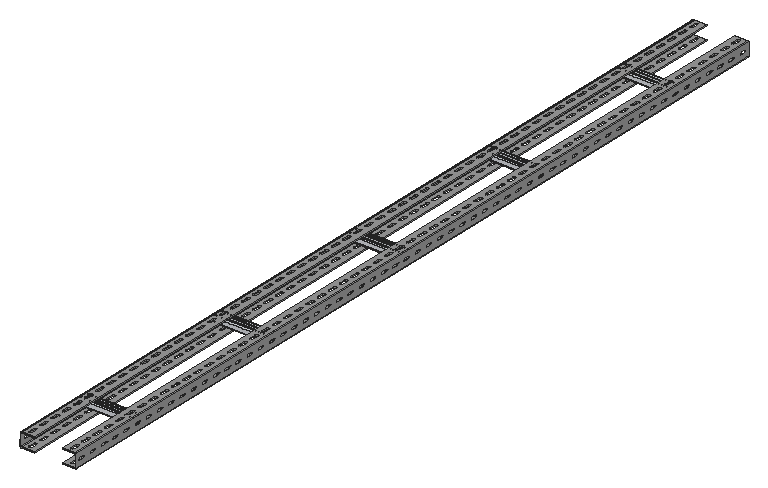
Revit family "steigeleiter_2_FT_FTSO_FTK_A2_A4.200rfa", category Generic Models, Revit 2017
Family settings
  Can host rebar = No
  Round Connector Dimension = Use Diameter
  Part Type = Normal
  Work Plane-Based = No
  Always vertical = Yes
  Cut with Voids When Loaded = No
  Shared = No
  Room Calculation Point = No
Parameters (values of type "SLM50C40 2FTK RW")
  Width 1 = Width / 2  # 100 mm
  Width = 200 mm
  URL = "http://www.obo-bettermann.com"
  Material = Polyester / Epoxid
  Manufacturer Art.No. = "6010568"
  Manufacturer = "OBO BETTERMANN"
  Length 2 = 273.5 mm
  Length = 3000 mm
  GTIN = "4012196691319"
  Cut's space 2 = 600 mm
  Cut's space = 50 mm
  Cut's number 2 = 5
  Cut's number = Length / Cut's space  # 60
  Article Type = "SLM50C40 2FTK RW"
Reference planes
  plane 1 "Center (Front/Back)": y = 0
  plane 2: z = 0
  plane 3 "Center (Left/Right)": x = 0
  plane 4: z = 50
  plane 5: y = 3000
  plane 6: y = 273.5
Forms (mm)
  Extrusion 1, solid, material "Polyester / Epoxid" <- "Material"
    sketch origin (0, 0, 0) x (1, 0, 0) y (0, 0, 1)
      loop
        arc (-96, 2.5) -> (-97.061, 2.939) -> (-97.5, 4) r 1.5
        line (-97.5, 4) -> (-97.5, 46)
        arc (-97.5, 46) -> (-97.061, 47.061) -> (-96, 47.5) r 1.5
        line (-96, 47.5) -> (-50, 47.5) -> (-50, 50) -> (-96, 50)
        arc (-96, 50) -> (-98.828, 48.828) -> (-100, 46) r 4
        line (-100, 46) -> (-100, 4)
        arc (-100, 4) -> (-98.828, 1.172) -> (-96, 0) r 4
        line (-96, 0) -> (-50, 0) -> (-50, 2.5) -> (-96, 2.5)
      loop
        line (50.551, 50) -> (50.551, 47.5) -> (96, 47.5)
        arc (96, 47.5) -> (97.061, 47.061) -> (97.5, 46) r 1.5
        line (97.5, 46) -> (97.5, 4)
        arc (97.5, 4) -> (97.061, 2.939) -> (96, 2.5) r 1.5
        line (96, 2.5) -> (50, 2.5) -> (50, 0) -> (97.57, 0)
        arc (97.57, 0) -> (98.354, 0.324) -> (98.678, 1.108) r 1.108
        line (98.678, 1.108) -> (98.678, 47.085)
        arc (98.678, 47.085) -> (97.824, 49.146) -> (95.763, 50) r 2.915
        line (95.763, 50) -> (50.551, 50)
    from 0 to -3000
  Extrusion 2, void
    sketch origin (0, 0, 0) x (1, 0, 0) y (0, 1, 0)
      loop
        arc (-80.5, 15.5) -> (-75, 10) -> (-69.5, 15.5) r 5.5
        line (-69.5, 15.5) -> (-69.5, 34.5)
        arc (-69.5, 34.5) -> (-75, 40) -> (-80.5, 34.5) r 5.5
        line (-80.5, 34.5) -> (-80.5, 15.5)
    from 47.5 to 50
  Extrusion 3, void
    sketch origin (0, 50, 0) x (1, 0, 0) y (0, 1, 0)
      loop
        arc (-80.5, 15.5) -> (-75, 10) -> (-69.5, 15.5) r 5.5
        line (-69.5, 15.5) -> (-69.5, 34.5)
        arc (-69.5, 34.5) -> (-75, 40) -> (-80.5, 34.5) r 5.5
        line (-80.5, 34.5) -> (-80.5, 15.5)
    from 47.5 to 50
  Extrusion 4, void
    sketch origin (0, 100, 0) x (1, 0, 0) y (0, 1, 0)
      loop
        arc (-80.5, 15.5) -> (-75, 10) -> (-69.5, 15.5) r 5.5
        line (-69.5, 15.5) -> (-69.5, 34.5)
        arc (-69.5, 34.5) -> (-75, 40) -> (-80.5, 34.5) r 5.5
        line (-80.5, 34.5) -> (-80.5, 15.5)
    from 47.5 to 50
  Extrusion 5, void
    sketch origin (0, 150, 0) x (1, 0, 0) y (0, 1, 0)
      loop
        arc (-80.5, 15.5) -> (-75, 10) -> (-69.5, 15.5) r 5.5
        line (-69.5, 15.5) -> (-69.5, 34.5)
        arc (-69.5, 34.5) -> (-75, 40) -> (-80.5, 34.5) r 5.5
        line (-80.5, 34.5) -> (-80.5, 15.5)
    from 47.5 to 50
  Extrusion 6, void
    sketch origin (0, 200, 0) x (1, 0, 0) y (0, 1, 0)
      loop
        arc (-80.5, 15.5) -> (-75, 10) -> (-69.5, 15.5) r 5.5
        line (-69.5, 15.5) -> (-69.5, 34.5)
        arc (-69.5, 34.5) -> (-75, 40) -> (-80.5, 34.5) r 5.5
        line (-80.5, 34.5) -> (-80.5, 15.5)
    from 47.5 to 50
  Extrusion 7, void
    sketch origin (0, 250, 0) x (1, 0, 0) y (0, 1, 0)
      loop
        arc (-80.5, 15.5) -> (-75, 10) -> (-69.5, 15.5) r 5.5
        line (-69.5, 15.5) -> (-69.5, 34.5)
        arc (-69.5, 34.5) -> (-75, 40) -> (-80.5, 34.5) r 5.5
        line (-80.5, 34.5) -> (-80.5, 15.5)
    from 47.5 to 50
  Extrusion 8, void
    sketch origin (0, 300, 0) x (1, 0, 0) y (0, 1, 0)
      loop
        arc (-80.5, 15.5) -> (-75, 10) -> (-69.5, 15.5) r 5.5
        line (-69.5, 15.5) -> (-69.5, 34.5)
        arc (-69.5, 34.5) -> (-75, 40) -> (-80.5, 34.5) r 5.5
        line (-80.5, 34.5) -> (-80.5, 15.5)
    from 47.5 to 50
  Extrusion 9, void
    sketch origin (0, 350, 0) x (1, 0, 0) y (0, 1, 0)
      loop
        arc (-80.5, 15.5) -> (-75, 10) -> (-69.5, 15.5) r 5.5
        line (-69.5, 15.5) -> (-69.5, 34.5)
        arc (-69.5, 34.5) -> (-75, 40) -> (-80.5, 34.5) r 5.5
        line (-80.5, 34.5) -> (-80.5, 15.5)
    from 47.5 to 50
  Extrusion 10, void
    sketch origin (0, 400, 0) x (1, 0, 0) y (0, 1, 0)
      loop
        arc (-80.5, 15.5) -> (-75, 10) -> (-69.5, 15.5) r 5.5
        line (-69.5, 15.5) -> (-69.5, 34.5)
        arc (-69.5, 34.5) -> (-75, 40) -> (-80.5, 34.5) r 5.5
        line (-80.5, 34.5) -> (-80.5, 15.5)
    from 47.5 to 50
  Extrusion 11, void
    sketch origin (0, 450, 0) x (1, 0, 0) y (0, 1, 0)
      loop
        arc (-80.5, 15.5) -> (-75, 10) -> (-69.5, 15.5) r 5.5
        line (-69.5, 15.5) -> (-69.5, 34.5)
        arc (-69.5, 34.5) -> (-75, 40) -> (-80.5, 34.5) r 5.5
        line (-80.5, 34.5) -> (-80.5, 15.5)
    from 47.5 to 50
  Extrusion 12, void
    sketch origin (0, 500, 0) x (1, 0, 0) y (0, 1, 0)
      loop
        arc (-80.5, 15.5) -> (-75, 10) -> (-69.5, 15.5) r 5.5
        line (-69.5, 15.5) -> (-69.5, 34.5)
        arc (-69.5, 34.5) -> (-75, 40) -> (-80.5, 34.5) r 5.5
        line (-80.5, 34.5) -> (-80.5, 15.5)
    from 47.5 to 50
  Extrusion 13, void
    sketch origin (0, 550, 0) x (1, 0, 0) y (0, 1, 0)
      loop
        arc (-80.5, 15.5) -> (-75, 10) -> (-69.5, 15.5) r 5.5
        line (-69.5, 15.5) -> (-69.5, 34.5)
        arc (-69.5, 34.5) -> (-75, 40) -> (-80.5, 34.5) r 5.5
        line (-80.5, 34.5) -> (-80.5, 15.5)
    from 47.5 to 50
  Extrusion 14, void
    sketch origin (0, 600, 0) x (1, 0, 0) y (0, 1, 0)
      loop
        arc (-80.5, 15.5) -> (-75, 10) -> (-69.5, 15.5) r 5.5
        line (-69.5, 15.5) -> (-69.5, 34.5)
        arc (-69.5, 34.5) -> (-75, 40) -> (-80.5, 34.5) r 5.5
        line (-80.5, 34.5) -> (-80.5, 15.5)
    from 47.5 to 50
  Extrusion 15, void
    sketch origin (0, 650, 0) x (1, 0, 0) y (0, 1, 0)
      loop
        arc (-80.5, 15.5) -> (-75, 10) -> (-69.5, 15.5) r 5.5
        line (-69.5, 15.5) -> (-69.5, 34.5)
        arc (-69.5, 34.5) -> (-75, 40) -> (-80.5, 34.5) r 5.5
        line (-80.5, 34.5) -> (-80.5, 15.5)
    from 47.5 to 50
  Extrusion 16, void
    sketch origin (0, 700, 0) x (1, 0, 0) y (0, 1, 0)
      loop
        arc (-80.5, 15.5) -> (-75, 10) -> (-69.5, 15.5) r 5.5
        line (-69.5, 15.5) -> (-69.5, 34.5)
        arc (-69.5, 34.5) -> (-75, 40) -> (-80.5, 34.5) r 5.5
        line (-80.5, 34.5) -> (-80.5, 15.5)
    from 47.5 to 50
  Extrusion 17, void
    sketch origin (0, 750, 0) x (1, 0, 0) y (0, 1, 0)
      loop
        arc (-80.5, 15.5) -> (-75, 10) -> (-69.5, 15.5) r 5.5
        line (-69.5, 15.5) -> (-69.5, 34.5)
        arc (-69.5, 34.5) -> (-75, 40) -> (-80.5, 34.5) r 5.5
        line (-80.5, 34.5) -> (-80.5, 15.5)
    from 47.5 to 50
  Extrusion 18, void
    sketch origin (0, 800, 0) x (1, 0, 0) y (0, 1, 0)
      loop
        arc (-80.5, 15.5) -> (-75, 10) -> (-69.5, 15.5) r 5.5
        line (-69.5, 15.5) -> (-69.5, 34.5)
        arc (-69.5, 34.5) -> (-75, 40) -> (-80.5, 34.5) r 5.5
        line (-80.5, 34.5) -> (-80.5, 15.5)
    from 47.5 to 50
  Extrusion 19, void
    sketch origin (0, 850, 0) x (1, 0, 0) y (0, 1, 0)
      loop
        arc (-80.5, 15.5) -> (-75, 10) -> (-69.5, 15.5) r 5.5
        line (-69.5, 15.5) -> (-69.5, 34.5)
        arc (-69.5, 34.5) -> (-75, 40) -> (-80.5, 34.5) r 5.5
        line (-80.5, 34.5) -> (-80.5, 15.5)
    from 47.5 to 50
  Extrusion 20, void
    sketch origin (0, 900, 0) x (1, 0, 0) y (0, 1, 0)
      loop
        arc (-80.5, 15.5) -> (-75, 10) -> (-69.5, 15.5) r 5.5
        line (-69.5, 15.5) -> (-69.5, 34.5)
        arc (-69.5, 34.5) -> (-75, 40) -> (-80.5, 34.5) r 5.5
        line (-80.5, 34.5) -> (-80.5, 15.5)
    from 47.5 to 50
  Extrusion 21, void
    sketch origin (0, 950, 0) x (1, 0, 0) y (0, 1, 0)
      loop
        arc (-80.5, 15.5) -> (-75, 10) -> (-69.5, 15.5) r 5.5
        line (-69.5, 15.5) -> (-69.5, 34.5)
        arc (-69.5, 34.5) -> (-75, 40) -> (-80.5, 34.5) r 5.5
        line (-80.5, 34.5) -> (-80.5, 15.5)
    from 47.5 to 50
  Extrusion 22, void
    sketch origin (0, 1000, 0) x (1, 0, 0) y (0, 1, 0)
      loop
        arc (-80.5, 15.5) -> (-75, 10) -> (-69.5, 15.5) r 5.5
        line (-69.5, 15.5) -> (-69.5, 34.5)
        arc (-69.5, 34.5) -> (-75, 40) -> (-80.5, 34.5) r 5.5
        line (-80.5, 34.5) -> (-80.5, 15.5)
    from 47.5 to 50
  Extrusion 23, void
    sketch origin (0, 1050, 0) x (1, 0, 0) y (0, 1, 0)
      loop
        arc (-80.5, 15.5) -> (-75, 10) -> (-69.5, 15.5) r 5.5
        line (-69.5, 15.5) -> (-69.5, 34.5)
        arc (-69.5, 34.5) -> (-75, 40) -> (-80.5, 34.5) r 5.5
        line (-80.5, 34.5) -> (-80.5, 15.5)
    from 47.5 to 50
  Extrusion 24, void
    sketch origin (0, 1100, 0) x (1, 0, 0) y (0, 1, 0)
      loop
        arc (-80.5, 15.5) -> (-75, 10) -> (-69.5, 15.5) r 5.5
        line (-69.5, 15.5) -> (-69.5, 34.5)
        arc (-69.5, 34.5) -> (-75, 40) -> (-80.5, 34.5) r 5.5
        line (-80.5, 34.5) -> (-80.5, 15.5)
    from 47.5 to 50
  Extrusion 25, void
    sketch origin (0, 1150, 0) x (1, 0, 0) y (0, 1, 0)
      loop
        arc (-80.5, 15.5) -> (-75, 10) -> (-69.5, 15.5) r 5.5
        line (-69.5, 15.5) -> (-69.5, 34.5)
        arc (-69.5, 34.5) -> (-75, 40) -> (-80.5, 34.5) r 5.5
        line (-80.5, 34.5) -> (-80.5, 15.5)
    from 47.5 to 50
  Extrusion 26, void
    sketch origin (0, 1200, 0) x (1, 0, 0) y (0, 1, 0)
      loop
        arc (-80.5, 15.5) -> (-75, 10) -> (-69.5, 15.5) r 5.5
        line (-69.5, 15.5) -> (-69.5, 34.5)
        arc (-69.5, 34.5) -> (-75, 40) -> (-80.5, 34.5) r 5.5
        line (-80.5, 34.5) -> (-80.5, 15.5)
    from 47.5 to 50
  Extrusion 27, void
    sketch origin (0, 1250, 0) x (1, 0, 0) y (0, 1, 0)
      loop
        arc (-80.5, 15.5) -> (-75, 10) -> (-69.5, 15.5) r 5.5
        line (-69.5, 15.5) -> (-69.5, 34.5)
        arc (-69.5, 34.5) -> (-75, 40) -> (-80.5, 34.5) r 5.5
        line (-80.5, 34.5) -> (-80.5, 15.5)
    from 47.5 to 50
  Extrusion 28, void
    sketch origin (0, 1300, 0) x (1, 0, 0) y (0, 1, 0)
      loop
        arc (-80.5, 15.5) -> (-75, 10) -> (-69.5, 15.5) r 5.5
        line (-69.5, 15.5) -> (-69.5, 34.5)
        arc (-69.5, 34.5) -> (-75, 40) -> (-80.5, 34.5) r 5.5
        line (-80.5, 34.5) -> (-80.5, 15.5)
    from 47.5 to 50
  Extrusion 29, void
    sketch origin (0, 1350, 0) x (1, 0, 0) y (0, 1, 0)
      loop
        arc (-80.5, 15.5) -> (-75, 10) -> (-69.5, 15.5) r 5.5
        line (-69.5, 15.5) -> (-69.5, 34.5)
        arc (-69.5, 34.5) -> (-75, 40) -> (-80.5, 34.5) r 5.5
        line (-80.5, 34.5) -> (-80.5, 15.5)
    from 47.5 to 50
  Extrusion 30, void
    sketch origin (0, 1400, 0) x (1, 0, 0) y (0, 1, 0)
      loop
        arc (-80.5, 15.5) -> (-75, 10) -> (-69.5, 15.5) r 5.5
        line (-69.5, 15.5) -> (-69.5, 34.5)
        arc (-69.5, 34.5) -> (-75, 40) -> (-80.5, 34.5) r 5.5
        line (-80.5, 34.5) -> (-80.5, 15.5)
    from 47.5 to 50
  Extrusion 31, void
    sketch origin (0, 1450, 0) x (1, 0, 0) y (0, 1, 0)
      loop
        arc (-80.5, 15.5) -> (-75, 10) -> (-69.5, 15.5) r 5.5
        line (-69.5, 15.5) -> (-69.5, 34.5)
        arc (-69.5, 34.5) -> (-75, 40) -> (-80.5, 34.5) r 5.5
        line (-80.5, 34.5) -> (-80.5, 15.5)
    from 47.5 to 50
  Extrusion 32, void
    sketch origin (0, 1500, 0) x (1, 0, 0) y (0, 1, 0)
      loop
        arc (-80.5, 15.5) -> (-75, 10) -> (-69.5, 15.5) r 5.5
        line (-69.5, 15.5) -> (-69.5, 34.5)
        arc (-69.5, 34.5) -> (-75, 40) -> (-80.5, 34.5) r 5.5
        line (-80.5, 34.5) -> (-80.5, 15.5)
    from 47.5 to 50
  Extrusion 33, void
    sketch origin (0, 1550, 0) x (1, 0, 0) y (0, 1, 0)
      loop
        arc (-80.5, 15.5) -> (-75, 10) -> (-69.5, 15.5) r 5.5
        line (-69.5, 15.5) -> (-69.5, 34.5)
        arc (-69.5, 34.5) -> (-75, 40) -> (-80.5, 34.5) r 5.5
        line (-80.5, 34.5) -> (-80.5, 15.5)
    from 47.5 to 50
  Extrusion 34, void
    sketch origin (0, 1600, 0) x (1, 0, 0) y (0, 1, 0)
      loop
        arc (-80.5, 15.5) -> (-75, 10) -> (-69.5, 15.5) r 5.5
        line (-69.5, 15.5) -> (-69.5, 34.5)
        arc (-69.5, 34.5) -> (-75, 40) -> (-80.5, 34.5) r 5.5
        line (-80.5, 34.5) -> (-80.5, 15.5)
    from 47.5 to 50
  Extrusion 35, void
    sketch origin (0, 1650, 0) x (1, 0, 0) y (0, 1, 0)
      loop
        arc (-80.5, 15.5) -> (-75, 10) -> (-69.5, 15.5) r 5.5
        line (-69.5, 15.5) -> (-69.5, 34.5)
        arc (-69.5, 34.5) -> (-75, 40) -> (-80.5, 34.5) r 5.5
        line (-80.5, 34.5) -> (-80.5, 15.5)
    from 47.5 to 50
  Extrusion 36, void
    sketch origin (0, 1700, 0) x (1, 0, 0) y (0, 1, 0)
      loop
        arc (-80.5, 15.5) -> (-75, 10) -> (-69.5, 15.5) r 5.5
        line (-69.5, 15.5) -> (-69.5, 34.5)
        arc (-69.5, 34.5) -> (-75, 40) -> (-80.5, 34.5) r 5.5
        line (-80.5, 34.5) -> (-80.5, 15.5)
    from 47.5 to 50
  Extrusion 37, void
    sketch origin (0, 1750, 0) x (1, 0, 0) y (0, 1, 0)
      loop
        arc (-80.5, 15.5) -> (-75, 10) -> (-69.5, 15.5) r 5.5
        line (-69.5, 15.5) -> (-69.5, 34.5)
        arc (-69.5, 34.5) -> (-75, 40) -> (-80.5, 34.5) r 5.5
        line (-80.5, 34.5) -> (-80.5, 15.5)
    from 47.5 to 50
  Extrusion 38, void
    sketch origin (0, 1800, 0) x (1, 0, 0) y (0, 1, 0)
      loop
        arc (-80.5, 15.5) -> (-75, 10) -> (-69.5, 15.5) r 5.5
        line (-69.5, 15.5) -> (-69.5, 34.5)
        arc (-69.5, 34.5) -> (-75, 40) -> (-80.5, 34.5) r 5.5
        line (-80.5, 34.5) -> (-80.5, 15.5)
    from 47.5 to 50
  Extrusion 39, void
    sketch origin (0, 1850, 0) x (1, 0, 0) y (0, 1, 0)
      loop
        arc (-80.5, 15.5) -> (-75, 10) -> (-69.5, 15.5) r 5.5
        line (-69.5, 15.5) -> (-69.5, 34.5)
        arc (-69.5, 34.5) -> (-75, 40) -> (-80.5, 34.5) r 5.5
        line (-80.5, 34.5) -> (-80.5, 15.5)
    from 47.5 to 50
  Extrusion 40, void
    sketch origin (0, 1900, 0) x (1, 0, 0) y (0, 1, 0)
      loop
        arc (-80.5, 15.5) -> (-75, 10) -> (-69.5, 15.5) r 5.5
        line (-69.5, 15.5) -> (-69.5, 34.5)
        arc (-69.5, 34.5) -> (-75, 40) -> (-80.5, 34.5) r 5.5
        line (-80.5, 34.5) -> (-80.5, 15.5)
    from 47.5 to 50
  Extrusion 41, void
    sketch origin (0, 1950, 0) x (1, 0, 0) y (0, 1, 0)
      loop
        arc (-80.5, 15.5) -> (-75, 10) -> (-69.5, 15.5) r 5.5
        line (-69.5, 15.5) -> (-69.5, 34.5)
        arc (-69.5, 34.5) -> (-75, 40) -> (-80.5, 34.5) r 5.5
        line (-80.5, 34.5) -> (-80.5, 15.5)
    from 47.5 to 50
  Extrusion 42, void
    sketch origin (0, 2000, 0) x (1, 0, 0) y (0, 1, 0)
      loop
        arc (-80.5, 15.5) -> (-75, 10) -> (-69.5, 15.5) r 5.5
        line (-69.5, 15.5) -> (-69.5, 34.5)
        arc (-69.5, 34.5) -> (-75, 40) -> (-80.5, 34.5) r 5.5
        line (-80.5, 34.5) -> (-80.5, 15.5)
    from 47.5 to 50
  Extrusion 43, void
    sketch origin (0, 2050, 0) x (1, 0, 0) y (0, 1, 0)
      loop
        arc (-80.5, 15.5) -> (-75, 10) -> (-69.5, 15.5) r 5.5
        line (-69.5, 15.5) -> (-69.5, 34.5)
        arc (-69.5, 34.5) -> (-75, 40) -> (-80.5, 34.5) r 5.5
        line (-80.5, 34.5) -> (-80.5, 15.5)
    from 47.5 to 50
  Extrusion 44, void
    sketch origin (0, 2100, 0) x (1, 0, 0) y (0, 1, 0)
      loop
        arc (-80.5, 15.5) -> (-75, 10) -> (-69.5, 15.5) r 5.5
        line (-69.5, 15.5) -> (-69.5, 34.5)
        arc (-69.5, 34.5) -> (-75, 40) -> (-80.5, 34.5) r 5.5
        line (-80.5, 34.5) -> (-80.5, 15.5)
    from 47.5 to 50
  Extrusion 45, void
    sketch origin (0, 2150, 0) x (1, 0, 0) y (0, 1, 0)
      loop
        arc (-80.5, 15.5) -> (-75, 10) -> (-69.5, 15.5) r 5.5
        line (-69.5, 15.5) -> (-69.5, 34.5)
        arc (-69.5, 34.5) -> (-75, 40) -> (-80.5, 34.5) r 5.5
        line (-80.5, 34.5) -> (-80.5, 15.5)
    from 47.5 to 50
  Extrusion 46, void
    sketch origin (0, 2200, 0) x (1, 0, 0) y (0, 1, 0)
      loop
        arc (-80.5, 15.5) -> (-75, 10) -> (-69.5, 15.5) r 5.5
        line (-69.5, 15.5) -> (-69.5, 34.5)
        arc (-69.5, 34.5) -> (-75, 40) -> (-80.5, 34.5) r 5.5
        line (-80.5, 34.5) -> (-80.5, 15.5)
    from 47.5 to 50
  Extrusion 47, void
    sketch origin (0, 2250, 0) x (1, 0, 0) y (0, 1, 0)
      loop
        arc (-80.5, 15.5) -> (-75, 10) -> (-69.5, 15.5) r 5.5
        line (-69.5, 15.5) -> (-69.5, 34.5)
        arc (-69.5, 34.5) -> (-75, 40) -> (-80.5, 34.5) r 5.5
        line (-80.5, 34.5) -> (-80.5, 15.5)
    from 47.5 to 50
  Extrusion 48, void
    sketch origin (0, 2300, 0) x (1, 0, 0) y (0, 1, 0)
      loop
        arc (-80.5, 15.5) -> (-75, 10) -> (-69.5, 15.5) r 5.5
        line (-69.5, 15.5) -> (-69.5, 34.5)
        arc (-69.5, 34.5) -> (-75, 40) -> (-80.5, 34.5) r 5.5
        line (-80.5, 34.5) -> (-80.5, 15.5)
    from 47.5 to 50
  Extrusion 49, void
    sketch origin (0, 2350, 0) x (1, 0, 0) y (0, 1, 0)
      loop
        arc (-80.5, 15.5) -> (-75, 10) -> (-69.5, 15.5) r 5.5
        line (-69.5, 15.5) -> (-69.5, 34.5)
        arc (-69.5, 34.5) -> (-75, 40) -> (-80.5, 34.5) r 5.5
        line (-80.5, 34.5) -> (-80.5, 15.5)
    from 47.5 to 50
  Extrusion 50, void
    sketch origin (0, 2400, 0) x (1, 0, 0) y (0, 1, 0)
      loop
        arc (-80.5, 15.5) -> (-75, 10) -> (-69.5, 15.5) r 5.5
        line (-69.5, 15.5) -> (-69.5, 34.5)
        arc (-69.5, 34.5) -> (-75, 40) -> (-80.5, 34.5) r 5.5
        line (-80.5, 34.5) -> (-80.5, 15.5)
    from 47.5 to 50
  Extrusion 51, void
    sketch origin (0, 2450, 0) x (1, 0, 0) y (0, 1, 0)
      loop
        arc (-80.5, 15.5) -> (-75, 10) -> (-69.5, 15.5) r 5.5
        line (-69.5, 15.5) -> (-69.5, 34.5)
        arc (-69.5, 34.5) -> (-75, 40) -> (-80.5, 34.5) r 5.5
        line (-80.5, 34.5) -> (-80.5, 15.5)
    from 47.5 to 50
  Extrusion 52, void
    sketch origin (0, 2500, 0) x (1, 0, 0) y (0, 1, 0)
      loop
        arc (-80.5, 15.5) -> (-75, 10) -> (-69.5, 15.5) r 5.5
        line (-69.5, 15.5) -> (-69.5, 34.5)
        arc (-69.5, 34.5) -> (-75, 40) -> (-80.5, 34.5) r 5.5
        line (-80.5, 34.5) -> (-80.5, 15.5)
    from 47.5 to 50
  Extrusion 53, void
    sketch origin (0, 2550, 0) x (1, 0, 0) y (0, 1, 0)
      loop
        arc (-80.5, 15.5) -> (-75, 10) -> (-69.5, 15.5) r 5.5
        line (-69.5, 15.5) -> (-69.5, 34.5)
        arc (-69.5, 34.5) -> (-75, 40) -> (-80.5, 34.5) r 5.5
        line (-80.5, 34.5) -> (-80.5, 15.5)
    from 47.5 to 50
  Extrusion 54, void
    sketch origin (0, 2600, 0) x (1, 0, 0) y (0, 1, 0)
      loop
        arc (-80.5, 15.5) -> (-75, 10) -> (-69.5, 15.5) r 5.5
        line (-69.5, 15.5) -> (-69.5, 34.5)
        arc (-69.5, 34.5) -> (-75, 40) -> (-80.5, 34.5) r 5.5
        line (-80.5, 34.5) -> (-80.5, 15.5)
    from 47.5 to 50
  Extrusion 55, void
    sketch origin (0, 2650, 0) x (1, 0, 0) y (0, 1, 0)
      loop
        arc (-80.5, 15.5) -> (-75, 10) -> (-69.5, 15.5) r 5.5
        line (-69.5, 15.5) -> (-69.5, 34.5)
        arc (-69.5, 34.5) -> (-75, 40) -> (-80.5, 34.5) r 5.5
        line (-80.5, 34.5) -> (-80.5, 15.5)
    from 47.5 to 50
  Extrusion 56, void
    sketch origin (0, 2700, 0) x (1, 0, 0) y (0, 1, 0)
      loop
        arc (-80.5, 15.5) -> (-75, 10) -> (-69.5, 15.5) r 5.5
        line (-69.5, 15.5) -> (-69.5, 34.5)
        arc (-69.5, 34.5) -> (-75, 40) -> (-80.5, 34.5) r 5.5
        line (-80.5, 34.5) -> (-80.5, 15.5)
    from 47.5 to 50
  Extrusion 57, void
    sketch origin (0, 2750, 0) x (1, 0, 0) y (0, 1, 0)
      loop
        arc (-80.5, 15.5) -> (-75, 10) -> (-69.5, 15.5) r 5.5
        line (-69.5, 15.5) -> (-69.5, 34.5)
        arc (-69.5, 34.5) -> (-75, 40) -> (-80.5, 34.5) r 5.5
        line (-80.5, 34.5) -> (-80.5, 15.5)
    from 47.5 to 50
  Extrusion 58, void
    sketch origin (0, 2800, 0) x (1, 0, 0) y (0, 1, 0)
      loop
        arc (-80.5, 15.5) -> (-75, 10) -> (-69.5, 15.5) r 5.5
        line (-69.5, 15.5) -> (-69.5, 34.5)
        arc (-69.5, 34.5) -> (-75, 40) -> (-80.5, 34.5) r 5.5
        line (-80.5, 34.5) -> (-80.5, 15.5)
    from 47.5 to 50
  Extrusion 59, void
    sketch origin (0, 2850, 0) x (1, 0, 0) y (0, 1, 0)
      loop
        arc (-80.5, 15.5) -> (-75, 10) -> (-69.5, 15.5) r 5.5
        line (-69.5, 15.5) -> (-69.5, 34.5)
        arc (-69.5, 34.5) -> (-75, 40) -> (-80.5, 34.5) r 5.5
        line (-80.5, 34.5) -> (-80.5, 15.5)
    from 47.5 to 50
  Extrusion 60, void
    sketch origin (0, 2900, 0) x (1, 0, 0) y (0, 1, 0)
      loop
        arc (-80.5, 15.5) -> (-75, 10) -> (-69.5, 15.5) r 5.5
        line (-69.5, 15.5) -> (-69.5, 34.5)
        arc (-69.5, 34.5) -> (-75, 40) -> (-80.5, 34.5) r 5.5
        line (-80.5, 34.5) -> (-80.5, 15.5)
    from 47.5 to 50
  Extrusion 61, void
    sketch origin (0, 2950, 0) x (1, 0, 0) y (0, 1, 0)
      loop
        arc (-80.5, 15.5) -> (-75, 10) -> (-69.5, 15.5) r 5.5
        line (-69.5, 15.5) -> (-69.5, 34.5)
        arc (-69.5, 34.5) -> (-75, 40) -> (-80.5, 34.5) r 5.5
        line (-80.5, 34.5) -> (-80.5, 15.5)
    from 47.5 to 50
  Extrusion 62, void
    sketch origin (0, 0, 0) x (0, 1, 0) y (0, 0, 1)
      loop
        line (34.5, 30.5) -> (15.5, 30.5)
        arc (15.5, 30.5) -> (10, 25) -> (15.5, 19.5) r 5.5
        line (15.5, 19.5) -> (34.5, 19.5)
        arc (34.5, 19.5) -> (40, 25) -> (34.5, 30.5) r 5.5
    from -100 to -97.5
  Extrusion 63, void
    sketch origin (0, 50, 0) x (0, 1, 0) y (0, 0, 1)
      loop
        line (34.5, 30.5) -> (15.5, 30.5)
        arc (15.5, 30.5) -> (10, 25) -> (15.5, 19.5) r 5.5
        line (15.5, 19.5) -> (34.5, 19.5)
        arc (34.5, 19.5) -> (40, 25) -> (34.5, 30.5) r 5.5
    from -100 to -97.5
  Extrusion 64, void
    sketch origin (0, 100, 0) x (0, 1, 0) y (0, 0, 1)
      loop
        line (34.5, 30.5) -> (15.5, 30.5)
        arc (15.5, 30.5) -> (10, 25) -> (15.5, 19.5) r 5.5
        line (15.5, 19.5) -> (34.5, 19.5)
        arc (34.5, 19.5) -> (40, 25) -> (34.5, 30.5) r 5.5
    from -100 to -97.5
  Extrusion 65, void
    sketch origin (0, 150, 0) x (0, 1, 0) y (0, 0, 1)
      loop
        line (34.5, 30.5) -> (15.5, 30.5)
        arc (15.5, 30.5) -> (10, 25) -> (15.5, 19.5) r 5.5
        line (15.5, 19.5) -> (34.5, 19.5)
        arc (34.5, 19.5) -> (40, 25) -> (34.5, 30.5) r 5.5
    from -100 to -97.5
  Extrusion 66, void
    sketch origin (0, 200, 0) x (0, 1, 0) y (0, 0, 1)
      loop
        line (34.5, 30.5) -> (15.5, 30.5)
        arc (15.5, 30.5) -> (10, 25) -> (15.5, 19.5) r 5.5
        line (15.5, 19.5) -> (34.5, 19.5)
        arc (34.5, 19.5) -> (40, 25) -> (34.5, 30.5) r 5.5
    from -100 to -97.5
  Extrusion 67, void
    sketch origin (0, 250, 0) x (0, 1, 0) y (0, 0, 1)
      loop
        line (34.5, 30.5) -> (15.5, 30.5)
        arc (15.5, 30.5) -> (10, 25) -> (15.5, 19.5) r 5.5
        line (15.5, 19.5) -> (34.5, 19.5)
        arc (34.5, 19.5) -> (40, 25) -> (34.5, 30.5) r 5.5
    from -100 to -97.5
  Extrusion 68, void
    sketch origin (0, 300, 0) x (0, 1, 0) y (0, 0, 1)
      loop
        line (34.5, 30.5) -> (15.5, 30.5)
        arc (15.5, 30.5) -> (10, 25) -> (15.5, 19.5) r 5.5
        line (15.5, 19.5) -> (34.5, 19.5)
        arc (34.5, 19.5) -> (40, 25) -> (34.5, 30.5) r 5.5
    from -100 to -97.5
  Extrusion 69, void
    sketch origin (0, 350, 0) x (0, 1, 0) y (0, 0, 1)
      loop
        line (34.5, 30.5) -> (15.5, 30.5)
        arc (15.5, 30.5) -> (10, 25) -> (15.5, 19.5) r 5.5
        line (15.5, 19.5) -> (34.5, 19.5)
        arc (34.5, 19.5) -> (40, 25) -> (34.5, 30.5) r 5.5
    from -100 to -97.5
  Extrusion 70, void
    sketch origin (0, 400, 0) x (0, 1, 0) y (0, 0, 1)
      loop
        line (34.5, 30.5) -> (15.5, 30.5)
        arc (15.5, 30.5) -> (10, 25) -> (15.5, 19.5) r 5.5
        line (15.5, 19.5) -> (34.5, 19.5)
        arc (34.5, 19.5) -> (40, 25) -> (34.5, 30.5) r 5.5
    from -100 to -97.5
  Extrusion 71, void
    sketch origin (0, 450, 0) x (0, 1, 0) y (0, 0, 1)
      loop
        line (34.5, 30.5) -> (15.5, 30.5)
        arc (15.5, 30.5) -> (10, 25) -> (15.5, 19.5) r 5.5
        line (15.5, 19.5) -> (34.5, 19.5)
        arc (34.5, 19.5) -> (40, 25) -> (34.5, 30.5) r 5.5
    from -100 to -97.5
  Extrusion 72, void
    sketch origin (0, 500, 0) x (0, 1, 0) y (0, 0, 1)
      loop
        line (34.5, 30.5) -> (15.5, 30.5)
        arc (15.5, 30.5) -> (10, 25) -> (15.5, 19.5) r 5.5
        line (15.5, 19.5) -> (34.5, 19.5)
        arc (34.5, 19.5) -> (40, 25) -> (34.5, 30.5) r 5.5
    from -100 to -97.5
  Extrusion 73, void
    sketch origin (0, 550, 0) x (0, 1, 0) y (0, 0, 1)
      loop
        line (34.5, 30.5) -> (15.5, 30.5)
        arc (15.5, 30.5) -> (10, 25) -> (15.5, 19.5) r 5.5
        line (15.5, 19.5) -> (34.5, 19.5)
        arc (34.5, 19.5) -> (40, 25) -> (34.5, 30.5) r 5.5
    from -100 to -97.5
  Extrusion 74, void
    sketch origin (0, 600, 0) x (0, 1, 0) y (0, 0, 1)
      loop
        line (34.5, 30.5) -> (15.5, 30.5)
        arc (15.5, 30.5) -> (10, 25) -> (15.5, 19.5) r 5.5
        line (15.5, 19.5) -> (34.5, 19.5)
        arc (34.5, 19.5) -> (40, 25) -> (34.5, 30.5) r 5.5
    from -100 to -97.5
  Extrusion 75, void
    sketch origin (0, 650, 0) x (0, 1, 0) y (0, 0, 1)
      loop
        line (34.5, 30.5) -> (15.5, 30.5)
        arc (15.5, 30.5) -> (10, 25) -> (15.5, 19.5) r 5.5
        line (15.5, 19.5) -> (34.5, 19.5)
        arc (34.5, 19.5) -> (40, 25) -> (34.5, 30.5) r 5.5
    from -100 to -97.5
  Extrusion 76, void
    sketch origin (0, 700, 0) x (0, 1, 0) y (0, 0, 1)
      loop
        line (34.5, 30.5) -> (15.5, 30.5)
        arc (15.5, 30.5) -> (10, 25) -> (15.5, 19.5) r 5.5
        line (15.5, 19.5) -> (34.5, 19.5)
        arc (34.5, 19.5) -> (40, 25) -> (34.5, 30.5) r 5.5
    from -100 to -97.5
  Extrusion 77, void
    sketch origin (0, 750, 0) x (0, 1, 0) y (0, 0, 1)
      loop
        line (34.5, 30.5) -> (15.5, 30.5)
        arc (15.5, 30.5) -> (10, 25) -> (15.5, 19.5) r 5.5
        line (15.5, 19.5) -> (34.5, 19.5)
        arc (34.5, 19.5) -> (40, 25) -> (34.5, 30.5) r 5.5
    from -100 to -97.5
  Extrusion 78, void
    sketch origin (0, 800, 0) x (0, 1, 0) y (0, 0, 1)
      loop
        line (34.5, 30.5) -> (15.5, 30.5)
        arc (15.5, 30.5) -> (10, 25) -> (15.5, 19.5) r 5.5
        line (15.5, 19.5) -> (34.5, 19.5)
        arc (34.5, 19.5) -> (40, 25) -> (34.5, 30.5) r 5.5
    from -100 to -97.5
  Extrusion 79, void
    sketch origin (0, 850, 0) x (0, 1, 0) y (0, 0, 1)
      loop
        line (34.5, 30.5) -> (15.5, 30.5)
        arc (15.5, 30.5) -> (10, 25) -> (15.5, 19.5) r 5.5
        line (15.5, 19.5) -> (34.5, 19.5)
        arc (34.5, 19.5) -> (40, 25) -> (34.5, 30.5) r 5.5
    from -100 to -97.5
  Extrusion 80, void
    sketch origin (0, 900, 0) x (0, 1, 0) y (0, 0, 1)
      loop
        line (34.5, 30.5) -> (15.5, 30.5)
        arc (15.5, 30.5) -> (10, 25) -> (15.5, 19.5) r 5.5
        line (15.5, 19.5) -> (34.5, 19.5)
        arc (34.5, 19.5) -> (40, 25) -> (34.5, 30.5) r 5.5
    from -100 to -97.5
  Extrusion 81, void
    sketch origin (0, 950, 0) x (0, 1, 0) y (0, 0, 1)
      loop
        line (34.5, 30.5) -> (15.5, 30.5)
        arc (15.5, 30.5) -> (10, 25) -> (15.5, 19.5) r 5.5
        line (15.5, 19.5) -> (34.5, 19.5)
        arc (34.5, 19.5) -> (40, 25) -> (34.5, 30.5) r 5.5
    from -100 to -97.5
  Extrusion 82, void
    sketch origin (0, 1000, 0) x (0, 1, 0) y (0, 0, 1)
      loop
        line (34.5, 30.5) -> (15.5, 30.5)
        arc (15.5, 30.5) -> (10, 25) -> (15.5, 19.5) r 5.5
        line (15.5, 19.5) -> (34.5, 19.5)
        arc (34.5, 19.5) -> (40, 25) -> (34.5, 30.5) r 5.5
    from -100 to -97.5
  Extrusion 83, void
    sketch origin (0, 1050, 0) x (0, 1, 0) y (0, 0, 1)
      loop
        line (34.5, 30.5) -> (15.5, 30.5)
        arc (15.5, 30.5) -> (10, 25) -> (15.5, 19.5) r 5.5
        line (15.5, 19.5) -> (34.5, 19.5)
        arc (34.5, 19.5) -> (40, 25) -> (34.5, 30.5) r 5.5
    from -100 to -97.5
  Extrusion 84, void
    sketch origin (0, 1100, 0) x (0, 1, 0) y (0, 0, 1)
      loop
        line (34.5, 30.5) -> (15.5, 30.5)
        arc (15.5, 30.5) -> (10, 25) -> (15.5, 19.5) r 5.5
        line (15.5, 19.5) -> (34.5, 19.5)
        arc (34.5, 19.5) -> (40, 25) -> (34.5, 30.5) r 5.5
    from -100 to -97.5
  Extrusion 85, void
    sketch origin (0, 1150, 0) x (0, 1, 0) y (0, 0, 1)
      loop
        line (34.5, 30.5) -> (15.5, 30.5)
        arc (15.5, 30.5) -> (10, 25) -> (15.5, 19.5) r 5.5
        line (15.5, 19.5) -> (34.5, 19.5)
        arc (34.5, 19.5) -> (40, 25) -> (34.5, 30.5) r 5.5
    from -100 to -97.5
  Extrusion 86, void
    sketch origin (0, 1200, 0) x (0, 1, 0) y (0, 0, 1)
      loop
        line (34.5, 30.5) -> (15.5, 30.5)
        arc (15.5, 30.5) -> (10, 25) -> (15.5, 19.5) r 5.5
        line (15.5, 19.5) -> (34.5, 19.5)
        arc (34.5, 19.5) -> (40, 25) -> (34.5, 30.5) r 5.5
    from -100 to -97.5
  Extrusion 87, void
    sketch origin (0, 1250, 0) x (0, 1, 0) y (0, 0, 1)
      loop
        line (34.5, 30.5) -> (15.5, 30.5)
        arc (15.5, 30.5) -> (10, 25) -> (15.5, 19.5) r 5.5
        line (15.5, 19.5) -> (34.5, 19.5)
        arc (34.5, 19.5) -> (40, 25) -> (34.5, 30.5) r 5.5
    from -100 to -97.5
  Extrusion 88, void
    sketch origin (0, 1300, 0) x (0, 1, 0) y (0, 0, 1)
      loop
        line (34.5, 30.5) -> (15.5, 30.5)
        arc (15.5, 30.5) -> (10, 25) -> (15.5, 19.5) r 5.5
        line (15.5, 19.5) -> (34.5, 19.5)
        arc (34.5, 19.5) -> (40, 25) -> (34.5, 30.5) r 5.5
    from -100 to -97.5
  Extrusion 89, void
    sketch origin (0, 1350, 0) x (0, 1, 0) y (0, 0, 1)
      loop
        line (34.5, 30.5) -> (15.5, 30.5)
        arc (15.5, 30.5) -> (10, 25) -> (15.5, 19.5) r 5.5
        line (15.5, 19.5) -> (34.5, 19.5)
        arc (34.5, 19.5) -> (40, 25) -> (34.5, 30.5) r 5.5
    from -100 to -97.5
  Extrusion 90, void
    sketch origin (0, 1400, 0) x (0, 1, 0) y (0, 0, 1)
      loop
        line (34.5, 30.5) -> (15.5, 30.5)
        arc (15.5, 30.5) -> (10, 25) -> (15.5, 19.5) r 5.5
        line (15.5, 19.5) -> (34.5, 19.5)
        arc (34.5, 19.5) -> (40, 25) -> (34.5, 30.5) r 5.5
    from -100 to -97.5
  Extrusion 91, void
    sketch origin (0, 1450, 0) x (0, 1, 0) y (0, 0, 1)
      loop
        line (34.5, 30.5) -> (15.5, 30.5)
        arc (15.5, 30.5) -> (10, 25) -> (15.5, 19.5) r 5.5
        line (15.5, 19.5) -> (34.5, 19.5)
        arc (34.5, 19.5) -> (40, 25) -> (34.5, 30.5) r 5.5
    from -100 to -97.5
  Extrusion 92, void
    sketch origin (0, 1500, 0) x (0, 1, 0) y (0, 0, 1)
      loop
        line (34.5, 30.5) -> (15.5, 30.5)
        arc (15.5, 30.5) -> (10, 25) -> (15.5, 19.5) r 5.5
        line (15.5, 19.5) -> (34.5, 19.5)
        arc (34.5, 19.5) -> (40, 25) -> (34.5, 30.5) r 5.5
    from -100 to -97.5
  Extrusion 93, void
    sketch origin (0, 1550, 0) x (0, 1, 0) y (0, 0, 1)
      loop
        line (34.5, 30.5) -> (15.5, 30.5)
        arc (15.5, 30.5) -> (10, 25) -> (15.5, 19.5) r 5.5
        line (15.5, 19.5) -> (34.5, 19.5)
        arc (34.5, 19.5) -> (40, 25) -> (34.5, 30.5) r 5.5
    from -100 to -97.5
  Extrusion 94, void
    sketch origin (0, 1600, 0) x (0, 1, 0) y (0, 0, 1)
      loop
        line (34.5, 30.5) -> (15.5, 30.5)
        arc (15.5, 30.5) -> (10, 25) -> (15.5, 19.5) r 5.5
        line (15.5, 19.5) -> (34.5, 19.5)
        arc (34.5, 19.5) -> (40, 25) -> (34.5, 30.5) r 5.5
    from -100 to -97.5
  Extrusion 95, void
    sketch origin (0, 1650, 0) x (0, 1, 0) y (0, 0, 1)
      loop
        line (34.5, 30.5) -> (15.5, 30.5)
        arc (15.5, 30.5) -> (10, 25) -> (15.5, 19.5) r 5.5
        line (15.5, 19.5) -> (34.5, 19.5)
        arc (34.5, 19.5) -> (40, 25) -> (34.5, 30.5) r 5.5
    from -100 to -97.5
  Extrusion 96, void
    sketch origin (0, 1700, 0) x (0, 1, 0) y (0, 0, 1)
      loop
        line (34.5, 30.5) -> (15.5, 30.5)
        arc (15.5, 30.5) -> (10, 25) -> (15.5, 19.5) r 5.5
        line (15.5, 19.5) -> (34.5, 19.5)
        arc (34.5, 19.5) -> (40, 25) -> (34.5, 30.5) r 5.5
    from -100 to -97.5
  Extrusion 97, void
    sketch origin (0, 1750, 0) x (0, 1, 0) y (0, 0, 1)
      loop
        line (34.5, 30.5) -> (15.5, 30.5)
        arc (15.5, 30.5) -> (10, 25) -> (15.5, 19.5) r 5.5
        line (15.5, 19.5) -> (34.5, 19.5)
        arc (34.5, 19.5) -> (40, 25) -> (34.5, 30.5) r 5.5
    from -100 to -97.5
  Extrusion 98, void
    sketch origin (0, 1800, 0) x (0, 1, 0) y (0, 0, 1)
      loop
        line (34.5, 30.5) -> (15.5, 30.5)
        arc (15.5, 30.5) -> (10, 25) -> (15.5, 19.5) r 5.5
        line (15.5, 19.5) -> (34.5, 19.5)
        arc (34.5, 19.5) -> (40, 25) -> (34.5, 30.5) r 5.5
    from -100 to -97.5
  Extrusion 99, void
    sketch origin (0, 1850, 0) x (0, 1, 0) y (0, 0, 1)
      loop
        line (34.5, 30.5) -> (15.5, 30.5)
        arc (15.5, 30.5) -> (10, 25) -> (15.5, 19.5) r 5.5
        line (15.5, 19.5) -> (34.5, 19.5)
        arc (34.5, 19.5) -> (40, 25) -> (34.5, 30.5) r 5.5
    from -100 to -97.5
  Extrusion 100, void
    sketch origin (0, 1900, 0) x (0, 1, 0) y (0, 0, 1)
      loop
        line (34.5, 30.5) -> (15.5, 30.5)
        arc (15.5, 30.5) -> (10, 25) -> (15.5, 19.5) r 5.5
        line (15.5, 19.5) -> (34.5, 19.5)
        arc (34.5, 19.5) -> (40, 25) -> (34.5, 30.5) r 5.5
    from -100 to -97.5
  Extrusion 101, void
    sketch origin (0, 1950, 0) x (0, 1, 0) y (0, 0, 1)
      loop
        line (34.5, 30.5) -> (15.5, 30.5)
        arc (15.5, 30.5) -> (10, 25) -> (15.5, 19.5) r 5.5
        line (15.5, 19.5) -> (34.5, 19.5)
        arc (34.5, 19.5) -> (40, 25) -> (34.5, 30.5) r 5.5
    from -100 to -97.5
  Extrusion 102, void
    sketch origin (0, 2000, 0) x (0, 1, 0) y (0, 0, 1)
      loop
        line (34.5, 30.5) -> (15.5, 30.5)
        arc (15.5, 30.5) -> (10, 25) -> (15.5, 19.5) r 5.5
        line (15.5, 19.5) -> (34.5, 19.5)
        arc (34.5, 19.5) -> (40, 25) -> (34.5, 30.5) r 5.5
    from -100 to -97.5
  Extrusion 103, void
    sketch origin (0, 2050, 0) x (0, 1, 0) y (0, 0, 1)
      loop
        line (34.5, 30.5) -> (15.5, 30.5)
        arc (15.5, 30.5) -> (10, 25) -> (15.5, 19.5) r 5.5
        line (15.5, 19.5) -> (34.5, 19.5)
        arc (34.5, 19.5) -> (40, 25) -> (34.5, 30.5) r 5.5
    from -100 to -97.5
  Extrusion 104, void
    sketch origin (0, 2100, 0) x (0, 1, 0) y (0, 0, 1)
      loop
        line (34.5, 30.5) -> (15.5, 30.5)
        arc (15.5, 30.5) -> (10, 25) -> (15.5, 19.5) r 5.5
        line (15.5, 19.5) -> (34.5, 19.5)
        arc (34.5, 19.5) -> (40, 25) -> (34.5, 30.5) r 5.5
    from -100 to -97.5
  Extrusion 105, void
    sketch origin (0, 2150, 0) x (0, 1, 0) y (0, 0, 1)
      loop
        line (34.5, 30.5) -> (15.5, 30.5)
        arc (15.5, 30.5) -> (10, 25) -> (15.5, 19.5) r 5.5
        line (15.5, 19.5) -> (34.5, 19.5)
        arc (34.5, 19.5) -> (40, 25) -> (34.5, 30.5) r 5.5
    from -100 to -97.5
  Extrusion 106, void
    sketch origin (0, 2200, 0) x (0, 1, 0) y (0, 0, 1)
      loop
        line (34.5, 30.5) -> (15.5, 30.5)
        arc (15.5, 30.5) -> (10, 25) -> (15.5, 19.5) r 5.5
        line (15.5, 19.5) -> (34.5, 19.5)
        arc (34.5, 19.5) -> (40, 25) -> (34.5, 30.5) r 5.5
    from -100 to -97.5
  Extrusion 107, void
    sketch origin (0, 2250, 0) x (0, 1, 0) y (0, 0, 1)
      loop
        line (34.5, 30.5) -> (15.5, 30.5)
        arc (15.5, 30.5) -> (10, 25) -> (15.5, 19.5) r 5.5
        line (15.5, 19.5) -> (34.5, 19.5)
        arc (34.5, 19.5) -> (40, 25) -> (34.5, 30.5) r 5.5
    from -100 to -97.5
  Extrusion 108, void
    sketch origin (0, 2300, 0) x (0, 1, 0) y (0, 0, 1)
      loop
        line (34.5, 30.5) -> (15.5, 30.5)
        arc (15.5, 30.5) -> (10, 25) -> (15.5, 19.5) r 5.5
        line (15.5, 19.5) -> (34.5, 19.5)
        arc (34.5, 19.5) -> (40, 25) -> (34.5, 30.5) r 5.5
    from -100 to -97.5
  Extrusion 109, void
    sketch origin (0, 2350, 0) x (0, 1, 0) y (0, 0, 1)
      loop
        line (34.5, 30.5) -> (15.5, 30.5)
        arc (15.5, 30.5) -> (10, 25) -> (15.5, 19.5) r 5.5
        line (15.5, 19.5) -> (34.5, 19.5)
        arc (34.5, 19.5) -> (40, 25) -> (34.5, 30.5) r 5.5
    from -100 to -97.5
  Extrusion 110, void
    sketch origin (0, 2400, 0) x (0, 1, 0) y (0, 0, 1)
      loop
        line (34.5, 30.5) -> (15.5, 30.5)
        arc (15.5, 30.5) -> (10, 25) -> (15.5, 19.5) r 5.5
        line (15.5, 19.5) -> (34.5, 19.5)
        arc (34.5, 19.5) -> (40, 25) -> (34.5, 30.5) r 5.5
    from -100 to -97.5
  Extrusion 111, void
    sketch origin (0, 2450, 0) x (0, 1, 0) y (0, 0, 1)
      loop
        line (34.5, 30.5) -> (15.5, 30.5)
        arc (15.5, 30.5) -> (10, 25) -> (15.5, 19.5) r 5.5
        line (15.5, 19.5) -> (34.5, 19.5)
        arc (34.5, 19.5) -> (40, 25) -> (34.5, 30.5) r 5.5
    from -100 to -97.5
  Extrusion 112, void
    sketch origin (0, 2500, 0) x (0, 1, 0) y (0, 0, 1)
      loop
        line (34.5, 30.5) -> (15.5, 30.5)
        arc (15.5, 30.5) -> (10, 25) -> (15.5, 19.5) r 5.5
        line (15.5, 19.5) -> (34.5, 19.5)
        arc (34.5, 19.5) -> (40, 25) -> (34.5, 30.5) r 5.5
    from -100 to -97.5
  Extrusion 113, void
    sketch origin (0, 2550, 0) x (0, 1, 0) y (0, 0, 1)
      loop
        line (34.5, 30.5) -> (15.5, 30.5)
        arc (15.5, 30.5) -> (10, 25) -> (15.5, 19.5) r 5.5
        line (15.5, 19.5) -> (34.5, 19.5)
        arc (34.5, 19.5) -> (40, 25) -> (34.5, 30.5) r 5.5
    from -100 to -97.5
  Extrusion 114, void
    sketch origin (0, 2600, 0) x (0, 1, 0) y (0, 0, 1)
      loop
        line (34.5, 30.5) -> (15.5, 30.5)
        arc (15.5, 30.5) -> (10, 25) -> (15.5, 19.5) r 5.5
        line (15.5, 19.5) -> (34.5, 19.5)
        arc (34.5, 19.5) -> (40, 25) -> (34.5, 30.5) r 5.5
    from -100 to -97.5
  Extrusion 115, void
    sketch origin (0, 2650, 0) x (0, 1, 0) y (0, 0, 1)
      loop
        line (34.5, 30.5) -> (15.5, 30.5)
        arc (15.5, 30.5) -> (10, 25) -> (15.5, 19.5) r 5.5
        line (15.5, 19.5) -> (34.5, 19.5)
        arc (34.5, 19.5) -> (40, 25) -> (34.5, 30.5) r 5.5
    from -100 to -97.5
  Extrusion 116, void
    sketch origin (0, 2700, 0) x (0, 1, 0) y (0, 0, 1)
      loop
        line (34.5, 30.5) -> (15.5, 30.5)
        arc (15.5, 30.5) -> (10, 25) -> (15.5, 19.5) r 5.5
        line (15.5, 19.5) -> (34.5, 19.5)
        arc (34.5, 19.5) -> (40, 25) -> (34.5, 30.5) r 5.5
    from -100 to -97.5
  Extrusion 117, void
    sketch origin (0, 2750, 0) x (0, 1, 0) y (0, 0, 1)
      loop
        line (34.5, 30.5) -> (15.5, 30.5)
        arc (15.5, 30.5) -> (10, 25) -> (15.5, 19.5) r 5.5
        line (15.5, 19.5) -> (34.5, 19.5)
        arc (34.5, 19.5) -> (40, 25) -> (34.5, 30.5) r 5.5
    from -100 to -97.5
  Extrusion 118, void
    sketch origin (0, 2800, 0) x (0, 1, 0) y (0, 0, 1)
      loop
        line (34.5, 30.5) -> (15.5, 30.5)
        arc (15.5, 30.5) -> (10, 25) -> (15.5, 19.5) r 5.5
        line (15.5, 19.5) -> (34.5, 19.5)
        arc (34.5, 19.5) -> (40, 25) -> (34.5, 30.5) r 5.5
    from -100 to -97.5
  Extrusion 119, void
    sketch origin (0, 2850, 0) x (0, 1, 0) y (0, 0, 1)
      loop
        line (34.5, 30.5) -> (15.5, 30.5)
        arc (15.5, 30.5) -> (10, 25) -> (15.5, 19.5) r 5.5
        line (15.5, 19.5) -> (34.5, 19.5)
        arc (34.5, 19.5) -> (40, 25) -> (34.5, 30.5) r 5.5
    from -100 to -97.5
  Extrusion 120, void
    sketch origin (0, 2900, 0) x (0, 1, 0) y (0, 0, 1)
      loop
        line (34.5, 30.5) -> (15.5, 30.5)
        arc (15.5, 30.5) -> (10, 25) -> (15.5, 19.5) r 5.5
        line (15.5, 19.5) -> (34.5, 19.5)
        arc (34.5, 19.5) -> (40, 25) -> (34.5, 30.5) r 5.5
    from -100 to -97.5
  Extrusion 121, void
    sketch origin (0, 2950, 0) x (0, 1, 0) y (0, 0, 1)
      loop
        line (34.5, 30.5) -> (15.5, 30.5)
        arc (15.5, 30.5) -> (10, 25) -> (15.5, 19.5) r 5.5
        line (15.5, 19.5) -> (34.5, 19.5)
        arc (34.5, 19.5) -> (40, 25) -> (34.5, 30.5) r 5.5
    from -100 to -97.5
  Extrusion 122, void
    sketch origin (0, 0, 0) x (0, 1, 0) y (0, 0, 1)
      loop
        arc (15.5, 30.5) -> (10, 25) -> (15.5, 19.5) r 5.5
        line (15.5, 19.5) -> (34.5, 19.5)
        arc (34.5, 19.5) -> (40, 25) -> (34.5, 30.5) r 5.5
        line (34.5, 30.5) -> (15.5, 30.5)
    from 97.5 to 100
  Extrusion 123, void
    sketch origin (0, 50, 0) x (0, 1, 0) y (0, 0, 1)
      loop
        arc (15.5, 30.5) -> (10, 25) -> (15.5, 19.5) r 5.5
        line (15.5, 19.5) -> (34.5, 19.5)
        arc (34.5, 19.5) -> (40, 25) -> (34.5, 30.5) r 5.5
        line (34.5, 30.5) -> (15.5, 30.5)
    from 97.5 to 100
  Extrusion 124, void
    sketch origin (0, 100, 0) x (0, 1, 0) y (0, 0, 1)
      loop
        arc (15.5, 30.5) -> (10, 25) -> (15.5, 19.5) r 5.5
        line (15.5, 19.5) -> (34.5, 19.5)
        arc (34.5, 19.5) -> (40, 25) -> (34.5, 30.5) r 5.5
        line (34.5, 30.5) -> (15.5, 30.5)
    from 97.5 to 100
  Extrusion 125, void
    sketch origin (0, 150, 0) x (0, 1, 0) y (0, 0, 1)
      loop
        arc (15.5, 30.5) -> (10, 25) -> (15.5, 19.5) r 5.5
        line (15.5, 19.5) -> (34.5, 19.5)
        arc (34.5, 19.5) -> (40, 25) -> (34.5, 30.5) r 5.5
        line (34.5, 30.5) -> (15.5, 30.5)
    from 97.5 to 100
  Extrusion 126, void
    sketch origin (0, 200, 0) x (0, 1, 0) y (0, 0, 1)
      loop
        arc (15.5, 30.5) -> (10, 25) -> (15.5, 19.5) r 5.5
        line (15.5, 19.5) -> (34.5, 19.5)
        arc (34.5, 19.5) -> (40, 25) -> (34.5, 30.5) r 5.5
        line (34.5, 30.5) -> (15.5, 30.5)
    from 97.5 to 100
  Extrusion 127, void
    sketch origin (0, 250, 0) x (0, 1, 0) y (0, 0, 1)
      loop
        arc (15.5, 30.5) -> (10, 25) -> (15.5, 19.5) r 5.5
        line (15.5, 19.5) -> (34.5, 19.5)
        arc (34.5, 19.5) -> (40, 25) -> (34.5, 30.5) r 5.5
        line (34.5, 30.5) -> (15.5, 30.5)
    from 97.5 to 100
  Extrusion 128, void
    sketch origin (0, 300, 0) x (0, 1, 0) y (0, 0, 1)
      loop
        arc (15.5, 30.5) -> (10, 25) -> (15.5, 19.5) r 5.5
        line (15.5, 19.5) -> (34.5, 19.5)
        arc (34.5, 19.5) -> (40, 25) -> (34.5, 30.5) r 5.5
        line (34.5, 30.5) -> (15.5, 30.5)
    from 97.5 to 100
  Extrusion 129, void
    sketch origin (0, 350, 0) x (0, 1, 0) y (0, 0, 1)
      loop
        arc (15.5, 30.5) -> (10, 25) -> (15.5, 19.5) r 5.5
        line (15.5, 19.5) -> (34.5, 19.5)
        arc (34.5, 19.5) -> (40, 25) -> (34.5, 30.5) r 5.5
        line (34.5, 30.5) -> (15.5, 30.5)
    from 97.5 to 100
  Extrusion 130, void
    sketch origin (0, 400, 0) x (0, 1, 0) y (0, 0, 1)
      loop
        arc (15.5, 30.5) -> (10, 25) -> (15.5, 19.5) r 5.5
        line (15.5, 19.5) -> (34.5, 19.5)
        arc (34.5, 19.5) -> (40, 25) -> (34.5, 30.5) r 5.5
        line (34.5, 30.5) -> (15.5, 30.5)
    from 97.5 to 100
  Extrusion 131, void
    sketch origin (0, 450, 0) x (0, 1, 0) y (0, 0, 1)
      loop
        arc (15.5, 30.5) -> (10, 25) -> (15.5, 19.5) r 5.5
        line (15.5, 19.5) -> (34.5, 19.5)
        arc (34.5, 19.5) -> (40, 25) -> (34.5, 30.5) r 5.5
        line (34.5, 30.5) -> (15.5, 30.5)
    from 97.5 to 100
  Extrusion 132, void
    sketch origin (0, 500, 0) x (0, 1, 0) y (0, 0, 1)
      loop
        arc (15.5, 30.5) -> (10, 25) -> (15.5, 19.5) r 5.5
        line (15.5, 19.5) -> (34.5, 19.5)
        arc (34.5, 19.5) -> (40, 25) -> (34.5, 30.5) r 5.5
        line (34.5, 30.5) -> (15.5, 30.5)
    from 97.5 to 100
  Extrusion 133, void
    sketch origin (0, 550, 0) x (0, 1, 0) y (0, 0, 1)
      loop
        arc (15.5, 30.5) -> (10, 25) -> (15.5, 19.5) r 5.5
        line (15.5, 19.5) -> (34.5, 19.5)
        arc (34.5, 19.5) -> (40, 25) -> (34.5, 30.5) r 5.5
        line (34.5, 30.5) -> (15.5, 30.5)
    from 97.5 to 100
  Extrusion 134, void
    sketch origin (0, 600, 0) x (0, 1, 0) y (0, 0, 1)
      loop
        arc (15.5, 30.5) -> (10, 25) -> (15.5, 19.5) r 5.5
        line (15.5, 19.5) -> (34.5, 19.5)
        arc (34.5, 19.5) -> (40, 25) -> (34.5, 30.5) r 5.5
        line (34.5, 30.5) -> (15.5, 30.5)
    from 97.5 to 100
  Extrusion 135, void
    sketch origin (0, 650, 0) x (0, 1, 0) y (0, 0, 1)
      loop
        arc (15.5, 30.5) -> (10, 25) -> (15.5, 19.5) r 5.5
        line (15.5, 19.5) -> (34.5, 19.5)
        arc (34.5, 19.5) -> (40, 25) -> (34.5, 30.5) r 5.5
        line (34.5, 30.5) -> (15.5, 30.5)
    from 97.5 to 100
  Extrusion 136, void
    sketch origin (0, 700, 0) x (0, 1, 0) y (0, 0, 1)
      loop
        arc (15.5, 30.5) -> (10, 25) -> (15.5, 19.5) r 5.5
        line (15.5, 19.5) -> (34.5, 19.5)
        arc (34.5, 19.5) -> (40, 25) -> (34.5, 30.5) r 5.5
        line (34.5, 30.5) -> (15.5, 30.5)
    from 97.5 to 100
  Extrusion 137, void
    sketch origin (0, 750, 0) x (0, 1, 0) y (0, 0, 1)
      loop
        arc (15.5, 30.5) -> (10, 25) -> (15.5, 19.5) r 5.5
        line (15.5, 19.5) -> (34.5, 19.5)
        arc (34.5, 19.5) -> (40, 25) -> (34.5, 30.5) r 5.5
        line (34.5, 30.5) -> (15.5, 30.5)
    from 97.5 to 100
  Extrusion 138, void
    sketch origin (0, 800, 0) x (0, 1, 0) y (0, 0, 1)
      loop
        arc (15.5, 30.5) -> (10, 25) -> (15.5, 19.5) r 5.5
        line (15.5, 19.5) -> (34.5, 19.5)
        arc (34.5, 19.5) -> (40, 25) -> (34.5, 30.5) r 5.5
        line (34.5, 30.5) -> (15.5, 30.5)
    from 97.5 to 100
  Extrusion 139, void
    sketch origin (0, 850, 0) x (0, 1, 0) y (0, 0, 1)
      loop
        arc (15.5, 30.5) -> (10, 25) -> (15.5, 19.5) r 5.5
        line (15.5, 19.5) -> (34.5, 19.5)
        arc (34.5, 19.5) -> (40, 25) -> (34.5, 30.5) r 5.5
        line (34.5, 30.5) -> (15.5, 30.5)
    from 97.5 to 100
  Extrusion 140, void
    sketch origin (0, 900, 0) x (0, 1, 0) y (0, 0, 1)
      loop
        arc (15.5, 30.5) -> (10, 25) -> (15.5, 19.5) r 5.5
        line (15.5, 19.5) -> (34.5, 19.5)
        arc (34.5, 19.5) -> (40, 25) -> (34.5, 30.5) r 5.5
        line (34.5, 30.5) -> (15.5, 30.5)
    from 97.5 to 100
  Extrusion 141, void
    sketch origin (0, 950, 0) x (0, 1, 0) y (0, 0, 1)
      loop
        arc (15.5, 30.5) -> (10, 25) -> (15.5, 19.5) r 5.5
        line (15.5, 19.5) -> (34.5, 19.5)
        arc (34.5, 19.5) -> (40, 25) -> (34.5, 30.5) r 5.5
        line (34.5, 30.5) -> (15.5, 30.5)
    from 97.5 to 100
  Extrusion 142, void
    sketch origin (0, 1000, 0) x (0, 1, 0) y (0, 0, 1)
      loop
        arc (15.5, 30.5) -> (10, 25) -> (15.5, 19.5) r 5.5
        line (15.5, 19.5) -> (34.5, 19.5)
        arc (34.5, 19.5) -> (40, 25) -> (34.5, 30.5) r 5.5
        line (34.5, 30.5) -> (15.5, 30.5)
    from 97.5 to 100
  Extrusion 143, void
    sketch origin (0, 1050, 0) x (0, 1, 0) y (0, 0, 1)
      loop
        arc (15.5, 30.5) -> (10, 25) -> (15.5, 19.5) r 5.5
        line (15.5, 19.5) -> (34.5, 19.5)
        arc (34.5, 19.5) -> (40, 25) -> (34.5, 30.5) r 5.5
        line (34.5, 30.5) -> (15.5, 30.5)
    from 97.5 to 100
  Extrusion 144, void
    sketch origin (0, 1100, 0) x (0, 1, 0) y (0, 0, 1)
      loop
        arc (15.5, 30.5) -> (10, 25) -> (15.5, 19.5) r 5.5
        line (15.5, 19.5) -> (34.5, 19.5)
        arc (34.5, 19.5) -> (40, 25) -> (34.5, 30.5) r 5.5
        line (34.5, 30.5) -> (15.5, 30.5)
    from 97.5 to 100
  Extrusion 145, void
    sketch origin (0, 1150, 0) x (0, 1, 0) y (0, 0, 1)
      loop
        arc (15.5, 30.5) -> (10, 25) -> (15.5, 19.5) r 5.5
        line (15.5, 19.5) -> (34.5, 19.5)
        arc (34.5, 19.5) -> (40, 25) -> (34.5, 30.5) r 5.5
        line (34.5, 30.5) -> (15.5, 30.5)
    from 97.5 to 100
  Extrusion 146, void
    sketch origin (0, 1200, 0) x (0, 1, 0) y (0, 0, 1)
      loop
        arc (15.5, 30.5) -> (10, 25) -> (15.5, 19.5) r 5.5
        line (15.5, 19.5) -> (34.5, 19.5)
        arc (34.5, 19.5) -> (40, 25) -> (34.5, 30.5) r 5.5
        line (34.5, 30.5) -> (15.5, 30.5)
    from 97.5 to 100
  Extrusion 147, void
    sketch origin (0, 1250, 0) x (0, 1, 0) y (0, 0, 1)
      loop
        arc (15.5, 30.5) -> (10, 25) -> (15.5, 19.5) r 5.5
        line (15.5, 19.5) -> (34.5, 19.5)
        arc (34.5, 19.5) -> (40, 25) -> (34.5, 30.5) r 5.5
        line (34.5, 30.5) -> (15.5, 30.5)
    from 97.5 to 100
  Extrusion 148, void
    sketch origin (0, 1300, 0) x (0, 1, 0) y (0, 0, 1)
      loop
        arc (15.5, 30.5) -> (10, 25) -> (15.5, 19.5) r 5.5
        line (15.5, 19.5) -> (34.5, 19.5)
        arc (34.5, 19.5) -> (40, 25) -> (34.5, 30.5) r 5.5
        line (34.5, 30.5) -> (15.5, 30.5)
    from 97.5 to 100
  Extrusion 149, void
    sketch origin (0, 1350, 0) x (0, 1, 0) y (0, 0, 1)
      loop
        arc (15.5, 30.5) -> (10, 25) -> (15.5, 19.5) r 5.5
        line (15.5, 19.5) -> (34.5, 19.5)
        arc (34.5, 19.5) -> (40, 25) -> (34.5, 30.5) r 5.5
        line (34.5, 30.5) -> (15.5, 30.5)
    from 97.5 to 100
  Extrusion 150, void
    sketch origin (0, 1400, 0) x (0, 1, 0) y (0, 0, 1)
      loop
        arc (15.5, 30.5) -> (10, 25) -> (15.5, 19.5) r 5.5
        line (15.5, 19.5) -> (34.5, 19.5)
        arc (34.5, 19.5) -> (40, 25) -> (34.5, 30.5) r 5.5
        line (34.5, 30.5) -> (15.5, 30.5)
    from 97.5 to 100
